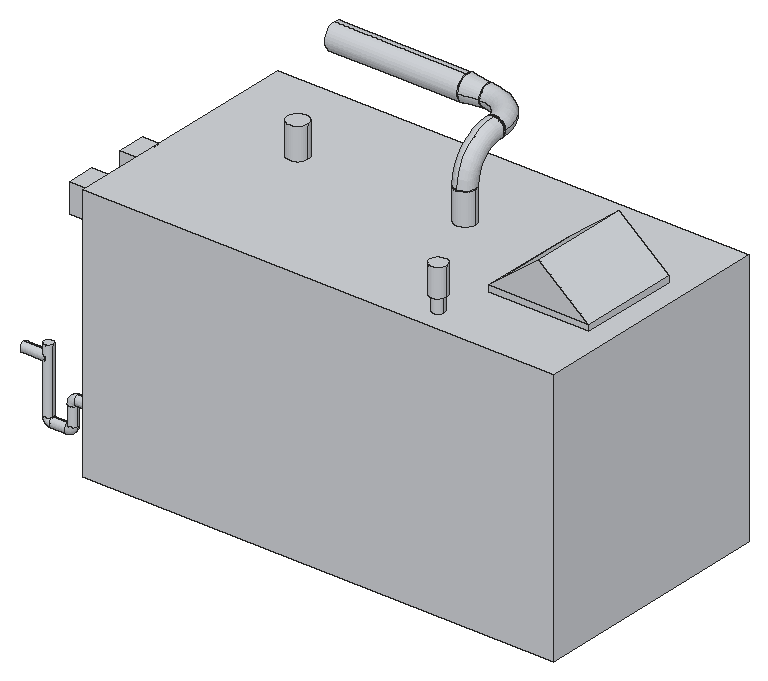
Revit family "AMP_BFIT 1500 Water Heater", category Mechanical Equipment, Revit 2019
Family settings
  Round Connector Dimension = Use Diameter
  Part Type = Normal
  OmniClass Number = 23.75.00.00
  OmniClass Title = Climate Control (HVAC)
  Work Plane-Based = No
  Always vertical = Yes
  Cut with Voids When Loaded = No
  Shared = No
  Room Calculation Point = No
Parameters (values of type "AMP/BFIT 1500 Water Heater")
  Width = 34 1/4"
  Length = 66 1/8"
  Height = 36 1/8"
  Voltage = ""
  Vent = "8\" EZ Vent"
  Manufacturer = "Bryan Steam"  # constant formula
  Hydronic Supply = "3\" Victaulic"
  Hydronic Return = "2-1/2\" Victaulic"
  Gas Train = "1-1/4\" NPT"
  Condensate Trap = "1\" Pipe"
  Boiler Drain = "3/4\" NPT"
  Air Supply = "8\""
Reference planes
  plane 1 "Center (Front/Back)": y = 0
  plane 2: z = 0
  plane 3 "Center (Left/Right)": x = 0
  plane 4 "Vent": y = 95.25
  plane 5 "Condensate Trap": y = -304.8
  plane 6 "Supply 2.5" Victualic Elbow Style 10": x = 100.902
  plane 7 "3" Supply Manifold": z = 1158.875
  plane 8 "3" Supply Elbow Victaulic Style 10": y = 355.6
Forms (mm)
  Extrusion 1, solid
    sketch origin (0, 0, 0) x (1, 0, 0) y (0, 1, 0)
      loop
        line (-839.787, 434.975) -> (-839.787, -434.975) -> (839.788, -434.975) -> (839.788, 434.975) -> (-839.787, 434.975)
    from 0 to 917.575
  Extrusion 2, solid
    sketch origin (0, 0, 917.575) x (1, 0, 0) y (0, 1, 0)
      loop
        line (405.549, 174.625) -> (405.549, -180.975) -> (763.588, -180.975) -> (763.588, 174.625) -> (405.549, 174.625)
    from 0 to 21.63
  Extrusion 3, solid
    sketch origin (763.588, -180.975, 917.575) x (-1, 0, 0) y (0, 0, -1)
      loop
        line (358.038, -21.63) -> (0, -21.63) -> (179.019, -167.063) -> (358.038, -21.63)
    from 0 to -355.6
  Extrusion 4, solid
    sketch origin (0, 0, 917.575) x (1, 0, 0) y (0, 1, 0)
      loop
        circle (-496.887, 95.25) r 36.513
      loop
        circle (100.902, 95.25) r 36.513
    from 0 to 111.125
  Extrusion 5, solid
    sketch origin (-839.787, -434.975, 0) x (0, 1, 0) y (0, 0, -1)
      loop
        circle (714.375, -257.175) r 100.013
      loop
        circle (714.375, -257.175) r 94.456
    from 0 to 28.575
  Sweep 6, solid
    path origin (0, -304.8, 0) x (-1, 0, 0) y (0, 0, 1)
      loop
        line (839.787, 146.406) -> (960.793, 146.406)
        arc (960.793, 146.406) -> (973.15, 141.287) -> (978.268, 128.93) r 17.475
        line (978.268, 128.93) -> (978.268, 62.281)
        arc (978.268, 62.281) -> (983.387, 49.924) -> (995.743, 44.806) r 17.475
        line (995.743, 44.806) -> (1049.706, 44.806)
        arc (1049.706, 44.806) -> (1062.054, 49.92) -> (1067.168, 62.268) r 17.463
        line (1067.168, 62.268) -> (1067.168, 292.456)
    profile origin (-900.29, -304.8, 146.406) x (0, 0, 1) y (0, 1, 0)
      loop
        circle (0, 0) r 16.701
  Revolve 7, solid
    sketch origin (0, -304.8, 0) x (-1, 0, 0) y (0, 0, 1)
      loop
        line (1154.112, 250.825) -> (1154.112, 267.526) -> (1066.8, 267.526) -> (1066.8, 250.825) -> (1154.112, 250.825)
      axis (1066.8, 250.825) -> (1154.112, 250.825)
    angle from 0 to 360
  Sweep 8, solid
    path origin (100.902, 0, 0) x (0, 1, 0) y (0, 0, 1)
      loop
        line (95.25, 1028.7) -> (95.25, 1031.875)
        arc (95.25, 1031.875) -> (132.447, 1121.678) -> (222.25, 1158.875) r 127
        line (222.25, 1158.875) -> (225.498, 1158.875)
    profile origin (100.902, 95.25, 1030.288) x (0, -1, 0) y (1, 0, 0)
      loop
        circle (0, 0) r 36.05
  Sweep 9, solid
    path origin (0, 0, 1158.875) x (1, 0, 0) y (0, 1, 0)
      loop
        line (100.902, 225.498) -> (100.902, 228.673)
        arc (100.902, 228.673) -> (63.704, 318.475) -> (-26.098, 355.673) r 127
        line (-26.098, 355.673) -> (-29.273, 355.673)
    profile origin (100.902, 227.085, 1158.875) x (-1, 0, 0) y (0, 0, 1)
      loop
        circle (0, 0) r 36.314
  SweptBlend 10, solid
    path origin (0, 0, 1158.875) x (1, 0, 0) y (0, 1, 0)
      loop
        line (-29.273, 323.923) -> (-100.393, 323.923)
    profile origin (-29.273, 323.923, 1158.875) x (0, -1, 0) y (0, 0, 1)
      loop
        circle (-31.677, 0) r 36.314
    end profile origin (-100.393, 323.923, 1158.875) x (0, -1, 0) y (0, 0, 1)
      loop
        circle (-31.677, 0) r 44.45
  Extrusion 11, solid
    sketch origin (-100.393, 355.6, 1158.875) x (0, 0, -1) y (0, -1, 0)
      loop
        circle (0, -0.065) r 44.513
    from 0 to 472.678
  Extrusion 12, solid
    sketch origin (-839.787, -434.975, 0) x (0, 1, 0) y (0, 0, -1)
      loop
        line (345.313, -912.813) -> (345.313, -811.213) -> (243.713, -811.213) -> (243.713, -912.813) -> (345.313, -912.813)
      loop
        line (119.888, -912.8) -> (119.888, -811.2) -> (18.288, -811.2) -> (18.288, -912.8) -> (119.888, -912.8)
    from 0 to 63.004
  Revolve 13, solid
    sketch origin (0, 95.25, 0) x (-1, 0, 0) y (0, 0, 1)
      loop
        line (1001.713, 644.525) -> (996.369, 746.493) -> (812.471, 736.855) -> (817.815, 634.887) -> (1001.713, 644.525)
      axis (817.815, 634.887) -> (1001.713, 644.525)
    angle from 0 to 360
  Extrusion 14, solid
    sketch origin (-839.787, -434.975, 0) x (0, 1, 0) y (0, 0, -1)
      loop
        circle (530.225, -815.975) r 13.335
    from 0 to 28.575
  Extrusion 15, solid
    sketch origin (0, 0, 917.575) x (1, 0, 0) y (0, 1, 0)
      loop
        circle (360.363, -349.25) r 21.082
    from 0 to 53.975
  Extrusion 16, solid
    sketch origin (0, 0, 971.55) x (1, 0, 0) y (0, 1, 0)
      loop
        circle (360.363, -349.25) r 30.163
    from 0 to 98.425
  Extrusion 17, solid
    sketch origin (-868.362, -434.975, 0) x (0, 1, 0) y (0, 0, -1)
      loop
        circle (530.225, -815.975) r 19.05
    from 0 to 60.325
Dimensions and locks
  "Height": Extrusion 1 to level
  equal spacing: Extrusion 1 sketch curve, plane 3 "Center (Left/Right)", Extrusion 1 sketch curve
  "Length": Extrusion 1 sketch curve to Extrusion 1 sketch curve
  equal spacing: Extrusion 1 sketch curve, plane 1 "Center (Front/Back)", Extrusion 1 sketch curve
  "Width": Extrusion 1 sketch curve to Extrusion 1 sketch curve
  Extrusion 2 sketch curve to Extrusion 1 = 3"
  locked: Extrusion 2 sketch curve to Extrusion 2 sketch curve at 358.038
  locked: Extrusion 2 sketch curve to Extrusion 2 sketch curve at 355.6
  locked: Extrusion 2 sketch curve to Extrusion 1 at 254
  locked: Extrusion 1 to Extrusion 4 sketch curve at 339.725  (x2)
  equal spacing: Extrusion 1, Extrusion 4 sketch curve, Extrusion 4 sketch curve
  Extrusion 4 sketch curve to Extrusion 4 sketch curve = 23.535"
  locked: Extrusion 1 to Extrusion 5 sketch curve at 257.175
  Extrusion 1 to Extrusion 5 sketch curve = 6 1/8"
  level to plane 7 "3" Supply Manifold" = 45 5/8"
  locked: Sweep 9 sketch curve to Sweep 9 sketch curve at 130.175
  locked: SweptBlend 10 sketch curve to SweptBlend 10 sketch curve at 71.12
  SweptBlend 10 sketch curve to Sweep 9 = 0"
  plane 3 "Center (Left/Right)" to plane 6 "Supply 2.5" Victualic Elbow Style 10" = 3.9725"
  locked: plane 8 "3" Supply Elbow Victaulic Style 10" to plane 1 "Center (Front/Back)" at 355.6
  locked: plane 4 "Vent" to plane 1 "Center (Front/Back)" at 95.25
  locked: plane 5 "Condensate Trap" to plane 1 "Center (Front/Back)" at 304.8
  locked: Sweep 6 sketch curve to Sweep 6 sketch curve at 88.9
  locked: Sweep 6 sketch curve to Sweep 6 sketch curve at 247.65
  locked: Revolve 7 sketch curve to Revolve 7 sketch curve at 87.313
  locked: Extrusion 12 sketch curve to Extrusion 12 sketch curve at 101.6  (x4)
  locked: Revolve 13 sketch curve to Revolve 13 sketch curve at 102.108
  locked: Revolve 7 sketch curve to Revolve 7 sketch curve at 16.701
  Extrusion 1 to Extrusion 14 sketch curve = 32 1/8"
  Extrusion 1 to Extrusion 14 sketch curve = 13 3/8"
  locked: Extrusion 1 to Extrusion 15 sketch curve at 85.725
  locked: Extrusion 15 sketch curve to Extrusion 1 at 479.425
  locked: Extrusion 1 to Extrusion 16 sketch curve at 85.725
  locked: Extrusion 16 sketch curve to Extrusion 1 at 479.425
  locked: Extrusion 1 to Extrusion 17 sketch curve at 101.6
  locked: Extrusion 1 to Extrusion 17 sketch curve at 339.725
  locked: Extrusion 1 to SweptBlend 10 sketch curve at 79.375  (x2)
  locked: SweptBlend 10 sketch curve to Extrusion 1 at 241.3  (x2)
  Sweep 9 sketch curve to Sweep 9 sketch curve = 5 1/8"
  locked: Sweep 8 sketch curve to Sweep 8 sketch curve at 3.175
  locked: Sweep 8 sketch curve to Extrusion 4 at 3.175
  locked: Sweep 8 sketch curve to Extrusion 1 at 212.725
  diameter of Extrusion 5 sketch curve = 7 7/16"
  diameter of Extrusion 5 sketch curve = 7 7/8"
  diameter of Extrusion 15 sketch curve = 1.66"
  diameter of Extrusion 16 sketch curve = 2 3/8"
  diameter of Extrusion 17 sketch curve = 1 1/2"
  diameter of SweptBlend 10 sketch curve = 2 55/64"
  diameter of SweptBlend 10 sketch curve = 3 1/2"
  diameter of Sweep 9 sketch curve = 10"
  diameter of Sweep 8 sketch curve = 10"
  aligned and locked: level to plane 2
Automatic sketch dimensions
  Extrusion 3 sketch curve to Extrusion 2 = 0"  (x3)
  Extrusion 3 sketch curve to Extrusion 2 = 7.048"
  Extrusion 3 sketch curve to Extrusion 2 = 5.72571"
  Extrusion 5 sketch curve to Extrusion 5 sketch curve = 0"  (x2)
  Sweep 6 sketch curve to plane 5 "Condensate Trap" = 0"
  profile plane to Sweep 6 sketch curve = 0"
  Sweep 6 sketch curve to Sweep 6 sketch curve = 0.688"  (x2)
  Sweep 6 sketch curve to Sweep 6 sketch curve = 11/16"
  Sweep 6 sketch curve to Sweep 6 sketch curve = 2.624"
  Sweep 6 sketch curve to Sweep 6 sketch curve = 4.764"
  Sweep 8 sketch curve to plane 6 "Supply 2.5" Victualic Elbow Style 10" = 0"
  Sweep 8 sketch curve to profile plane = 0"
  Sweep 9 sketch curve to plane 7 "3" Supply Manifold" = 0"
  Sweep 9 sketch curve to profile plane = 0"
  plane 4 "Vent" to SweptBlend 10 sketch curve = 9.00286"
  Revolve 7 sketch curve to Revolve 7 sketch curve = 0.2025"
  Revolve 7 sketch curve to Revolve 7 sketch curve = 2.453"
  Revolve 13 sketch curve to Revolve 13 sketch curve = 0.37944"
  Revolve 13 sketch curve to Revolve 13 sketch curve = 0"  (x2)
  Extrusion 4 sketch curve to Extrusion 1 = 13 1/2"
  level to Sweep 6 sketch curve = 5.764"
  Sweep 6 sketch curve to plane 3 "Center (Left/Right)" = 37.8265"
  level to Revolve 7 sketch curve = 10.5325"
  Revolve 7 sketch curve to plane 3 "Center (Left/Right)" = 42"
  Revolve 7 sketch curve to Revolve 7 sketch curve = 0"
  Extrusion 1 to Extrusion 12 sketch curve = 0.188"
  Extrusion 12 sketch curve to Extrusion 1 = 0.72"
  Extrusion 1 to Extrusion 12 sketch curve = 3/16"
  Extrusion 12 sketch curve to Extrusion 12 sketch curve = 4 7/8"
  Revolve 13 sketch curve to plane 3 "Center (Left/Right)" = 31.98705"
  Revolve 13 sketch curve to plane 7 "3" Supply Manifold" = 20.62944"
  Revolve 13 sketch curve to Revolve 13 sketch curve = 0.21039"
  Revolve 13 sketch curve to plane 7 "3" Supply Manifold" = 21.07429"
  Sweep 9 sketch curve to plane 6 "Supply 2.5" Victualic Elbow Style 10" = 0"
  plane 8 "3" Supply Elbow Victaulic Style 10" to Sweep 9 sketch curve = 0.00286"
  Sweep 8 sketch curve to Sweep 8 sketch curve = 0.12786"
  radius of Sweep 6 sketch curve = 0.6575"
  radius of Sweep 8 sketch curve = 1.41931"
  radius of Sweep 9 sketch curve = 1 55/128"
  radius of Extrusion 11 sketch curve = 1.75249"
  radius of Extrusion 4 sketch curve = 1 7/16"  (x2)
  radius of Extrusion 14 sketch curve = 0.525"
Connectors
  piping at (-496.887, 95.25, 1028.7), diameter 63.5
    settings: on Extrusion 4, index 2, connector inside diameter 24", connector length 0", flow factor 0, pipe flow 0 GPM, pressure drop 0.00 psi, fitting loss kfactor 0, connector angle 0.00°, fixture units 0, engagement length 0", angle of deflection 0.00°, flow configuration 0, flow direction 1, fitting loss method 0, system type 8, joint type 0, gender type 0, connector reference index -1, connector utility 0, adjustable connector no, is connector primary yes, connector description ""
  piping at (-868.362, 279.4, 257.175), diameter 203.2
    settings: on Extrusion 5, index 4, connector inside diameter 24", connector length 0", flow factor 0, pipe flow 0 GPM, pressure drop 0.00 psi, fitting loss kfactor 0, connector angle 0.00°, fixture units 0, engagement length 0", angle of deflection 0.00°, flow configuration 0, flow direction 1, fitting loss method 0, system type 22, joint type 0, gender type 0, connector reference index -1, connector utility 0, adjustable connector no, is connector primary no, connector description ""
  piping at (-1001.713, 95.25, 644.525), diameter 203.2
    settings: on Revolve 13, index 5, connector inside diameter 24", connector length 0", flow factor 0, pipe flow 0 GPM, pressure drop 0.00 psi, fitting loss kfactor 0, connector angle 0.00°, fixture units 0, engagement length 0", angle of deflection 0.00°, flow configuration 0, flow direction 2, fitting loss method 0, system type 17, joint type 0, gender type 0, connector reference index -1, connector utility 0, adjustable connector no, is connector primary no, connector description ""
  piping at (-1154.112, -304.8, 250.825), diameter 25.4
    settings: on Revolve 7, index 6, connector inside diameter 24", connector length 0", flow factor 0, pipe flow 0 GPM, pressure drop 0.00 psi, fitting loss kfactor 0, connector angle 0.00°, fixture units 0, engagement length 0", angle of deflection 0.00°, flow configuration 0, flow direction 2, fitting loss method 0, system type 22, joint type 0, gender type 0, connector reference index -1, connector utility 0, adjustable connector no, is connector primary no, connector description ""
  piping at (-573.072, 355.665, 1158.875), diameter 76.2
    settings: on Extrusion 11, index 8, connector inside diameter 24", connector length 0", flow factor 0, pipe flow 0 GPM, pressure drop 0.00 psi, fitting loss kfactor 0, connector angle 0.00°, fixture units 0, engagement length 0", angle of deflection 0.00°, flow configuration 0, flow direction 2, fitting loss method 0, system type 7, joint type 0, gender type 0, connector reference index -1, connector utility 0, adjustable connector no, is connector primary no, connector description ""
  piping at (360.363, -349.25, 1069.975), diameter 31.75
    settings: on Extrusion 16, index 10, connector inside diameter 24", connector length 0", flow factor 0, pipe flow 0 GPM, pressure drop 0.00 psi, fitting loss kfactor 0, connector angle 0.00°, fixture units 0, engagement length 0", angle of deflection 0.00°, flow configuration 0, flow direction 1, fitting loss method 0, system type 22, joint type 0, gender type 0, connector reference index -1, connector utility 0, adjustable connector no, is connector primary no, connector description ""
  piping at (-928.687, 95.25, 815.975), diameter 19.05
    settings: on Extrusion 17, index 11, connector inside diameter 24", connector length 0", flow factor 0, pipe flow 0 GPM, pressure drop 0.00 psi, fitting loss kfactor 0, connector angle 0.00°, fixture units 0, engagement length 0", angle of deflection 0.00°, flow configuration 0, flow direction 2, fitting loss method 0, system type 22, joint type 0, gender type 0, connector reference index -1, connector utility 0, adjustable connector no, is connector primary no, connector description ""
